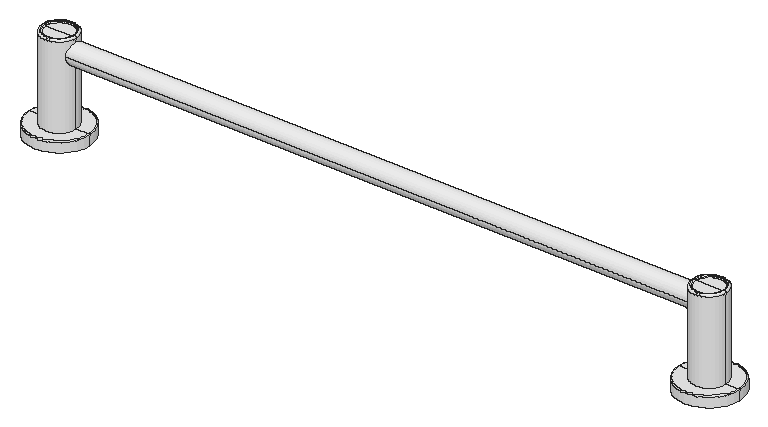
Revit family "Towel_Bar-DXV-Percy-D35105240_Series", category Specialty Equipment, host Face, Revit 2014
Parameters (values of type "D35105240.100")
  Width = 26 1/4"
  Warranty Documentation Link = "https://www.dxv.com/-/media/files/dxv/warranty/dxv_warranty_booklet.ashx"
  URL = "http://www.dxv.com/"
  Type Comments = ""
  Revised Date = "01/25/2017"  # constant formula
  Product Page URL = "http://www.dxv.com/product/percy-24-inch-towel-bar-by-dxv"
  Product Documentation Link = "http://dxv01.blob.core.windows.net/dxv-product-pdf-files/DXV_D35105240_Percy_towel_bar_spec_en.pdf"
  Price = "Prices may vary. Please consult Manufacturer Representative for most up-to-date price list."  # constant formula
  Model = "D35105240.100"
  Material = "Brass-DXV-100-Polished Chrome"
  Manufacturer = "DXV"
  Length = 3 7/16"
  Installation Type = "Surface Mounted"
  Height = 2 1/4"
  Finish = Brass-DXV-100-Polished Chrome
  Description = "Percy 24\" Towl Bar"
  Default Elevation = 40"
  Creation Date = "10/02/2014"  # constant formula
  Assembly Code = "C1030200"
Types (3): name | Model | Material | Finish
  (no name) | "D35105240.100" | "Brass-DXV-100-Polished Chrome" | Brass-DXV-100-Polished Chrome
  D35105240.100 | "D35105240.100" | "Brass-DXV-100-Polished Chrome" | Brass-DXV-100-Polished Chrome
  D35105240.144 | "D35105240.144" | "Brass-DXV-144-Brushed Nickel" | Brass-DXV-144-Brushed Nickel
Reference planes (in)
  plane 1 "Center (Front/Back)": y = 0
  plane 2: z = 0
  plane 3 "Center (Left/Right)": x = 0
  plane 4: x = -12
  plane 5: x = 12
  plane 6: x = -13.125
  plane 7: x = 13.125
  plane 8: z = 2.875
  plane 9: z = 3.4375
  plane 10: y = 1.125
  plane 11: y = -1.125
Forms (in)
  Revolve 1, solid, material "Brass-DXV-100-Polished Chrome" <- "Finish"
    sketch origin (0, 0, 0) x (1, 0, 0) y (0, 0, 1)
      loop
        line (12, 0) -> (13.125, 0) -> (13.125, 0.34375)
        arc (13.125, 0.34375) -> (13.11585, 0.36585) -> (13.09375, 0.375) r 0.03125
        line (13.09375, 0.375) -> (12.625, 0.375) -> (12.625, 3.375)
        arc (12.625, 3.375) -> (12.60669, 3.41919) -> (12.5625, 3.4375) r 0.0625
        arc (12.5625, 3.4375) -> (12.54496, 3.43326) -> (12.5313, 3.42146) r 0.03837
        arc (12.5313, 3.42146) -> (12.51834, 3.41028) -> (12.50171, 3.40625) r 0.03639
        line (12.50171, 3.40625) -> (12, 3.40625) -> (12, 0)
      axis (12, 0) -> (12, 3.4375)
    angle from 0 to 360
  Revolve 2, solid, material "Brass-DXV-100-Polished Chrome" <- "Finish"
    sketch origin (0, 0, 0) x (-1, 0, 0) y (0, 0, 1)
      loop
        line (12, 0) -> (13.125, 0) -> (13.125, 0.34375)
        arc (13.125, 0.34375) -> (13.11585, 0.36585) -> (13.09375, 0.375) r 0.03125
        line (13.09375, 0.375) -> (12.625, 0.375) -> (12.625, 3.375)
        arc (12.625, 3.375) -> (12.60669, 3.41919) -> (12.5625, 3.4375) r 0.0625
        arc (12.5625, 3.4375) -> (12.54496, 3.43326) -> (12.5313, 3.42146) r 0.03837
        arc (12.5313, 3.42146) -> (12.51834, 3.41028) -> (12.50171, 3.40625) r 0.03639
        line (12.50171, 3.40625) -> (12, 3.40625) -> (12, 0)
      axis (12, 0) -> (12, 3.4375)
    angle from 0 to 360
  Extrusion 3, solid, material "Brass-DXV-100-Polished Chrome" <- "Finish"
    sketch origin (0, 0, 0) x (0, 1, 0) y (0, 0, 1)
      loop
        circle (0, 2.875) r 0.375
    from -12 to 12
Cuts and joins
  joined: Revolve 1, Revolve 2, Extrusion 3
Lines and regions (in)
  Masking region 1
    outline origin (0, 0, 0) x (1, 0, 0) y (0, 0, 1)
      loop
        line (10.875, 0) -> (13.125, 0) -> (13.125, 0.34375)
        arc (13.125, 0.34375) -> (13.11585, 0.36585) -> (13.09375, 0.375) r 0.03125
        line (13.09375, 0.375) -> (12.625, 0.375) -> (12.625, 3.375)
        arc (12.625, 3.375) -> (12.60669, 3.41919) -> (12.5625, 3.4375) r 0.0625
        line (12.5625, 3.4375) -> (11.4375, 3.4375)
        arc (11.4375, 3.4375) -> (11.39331, 3.41919) -> (11.375, 3.375) r 0.0625
        line (11.375, 3.375) -> (11.375, 3.25) -> (-11.375, 3.25) -> (-11.375, 3.375)
        arc (-11.375, 3.375) -> (-11.39331, 3.41919) -> (-11.4375, 3.4375) r 0.0625
        line (-11.4375, 3.4375) -> (-12.5625, 3.4375)
        arc (-12.5625, 3.4375) -> (-12.60669, 3.41919) -> (-12.625, 3.375) r 0.0625
        line (-12.625, 3.375) -> (-12.625, 0.375) -> (-13.09375, 0.375)
        arc (-13.09375, 0.375) -> (-13.11585, 0.36585) -> (-13.125, 0.34375) r 0.03125
        line (-13.125, 0.34375) -> (-13.125, 0) -> (-10.875, 0) -> (-10.875, 0.34375)
        arc (-10.875, 0.34375) -> (-10.88415, 0.36585) -> (-10.90625, 0.375) r 0.03125
        line (-10.90625, 0.375) -> (-11.375, 0.375) -> (-11.375, 2.5) -> (11.375, 2.5) -> (11.375, 0.375) -> (10.90625, 0.375)
        arc (10.90625, 0.375) -> (10.88415, 0.36585) -> (10.875, 0.34375) r 0.03125
        line (10.875, 0.34375) -> (10.875, 0)
  symbolic lines, detail levels medium+fine
    curve 1: line (11.5, 0, 2.875) -> (11.375, 0, 2.5)
    curve 2: line (11.375, 0, 3.25) -> (11.5, 0, 2.875)
    curve 3: line (-11.5, 0, 2.875) -> (-11.375, 0, 3.25)
    curve 4: line (-11.375, 0, 2.5) -> (-11.5, 0, 2.875)
  symbolic lines, detail levels fine
    curve 5: line (-11.375, 0, 0.375) -> (-12.625, 0, 0.375)
    curve 6: line (11.375, 0, 0.375) -> (12.625, 0, 0.375)
Dimensions and locks (in)
  "Width": plane 7 to plane 6
  plane 5 to plane 4 = 24"
  host face to plane 8 = 2 7/8"
  "Length": host face to plane 9
  "Height": plane 10 to plane 11
  aligned and locked: plane 2 to host face
  aligned and locked: level to host face
Automatic sketch dimensions
  host sketch curve to host sketch curve = 96"  (x2)
  Revolve 1 sketch curve to plane 5 = 0"  (x2)
  Revolve 1 sketch curve to plane 9 = 0"  (x2)
  Revolve 1 sketch curve to level = 0"
  Revolve 1 sketch curve to plane 7 = 0"
  Revolve 1 sketch curve to plane 9 = 0.00514"
  plane 5 to Revolve 1 sketch curve = 0.50171"
  Revolve 1 sketch curve to Revolve 1 sketch curve = 0.06079"
  Revolve 1 sketch curve to plane 7 = 1/2"
  Revolve 1 sketch curve to plane 7 = 1/32"
  level to Revolve 1 sketch curve = 11/32"
  Revolve 1 sketch curve to Revolve 1 sketch curve = 0.02413"
  plane 9 to Revolve 1 sketch curve = 1/32"
  Revolve 1 sketch curve to Revolve 1 sketch curve = 0.00858"
  Revolve 1 sketch curve to plane 9 = 0.06215"
  Revolve 2 sketch curve to plane 4 = 0"  (x2)
  Revolve 2 sketch curve to plane 9 = 0"  (x2)
  Revolve 2 sketch curve to level = 0"
  Revolve 2 sketch curve to plane 6 = 0"
  plane 9 to Revolve 2 sketch curve = 0.00514"
  plane 4 to Revolve 2 sketch curve = 0.50171"
  Revolve 2 sketch curve to Revolve 2 sketch curve = 0.06079"
  Revolve 2 sketch curve to plane 6 = 1/2"
  Revolve 2 sketch curve to plane 6 = 1/32"
  Revolve 2 sketch curve to level = 11/32"
  Revolve 2 sketch curve to Revolve 2 sketch curve = 0.02413"
  Revolve 2 sketch curve to plane 9 = 1/32"
  Revolve 2 sketch curve to Revolve 2 sketch curve = 0.00858"
  plane 9 to Revolve 2 sketch curve = 0.06215"
  Extrusion 3 sketch curve to plane 1 "Center (Front/Back)" = 0"
  plane 8 to Extrusion 3 sketch curve = 0"
  Masking region 1 sketch curve to level = 0"  (x2)
  Masking region 1 sketch curve to plane 6 = 0"
  Masking region 1 sketch curve to plane 9 = 0"  (x2)
  Masking region 1 sketch curve to plane 7 = 0"
  plane 6 to Masking region 1 sketch curve = 1/32"
  plane 9 to Masking region 1 sketch curve = 1/16"  (x4)
  plane 6 to Masking region 1 sketch curve = 1/2"
  plane 4 to Masking region 1 sketch curve = 9/16"
  Masking region 1 sketch curve to Masking region 1 sketch curve = 15/32"  (x2)
  Masking region 1 sketch curve to Masking region 1 sketch curve = 1/32"  (x2)
  level to Masking region 1 sketch curve = 11/32"  (x4)
  Masking region 1 sketch curve to plane 5 = 1 1/8"
  plane 5 to Masking region 1 sketch curve = 9/16"
  Masking region 1 sketch curve to plane 7 = 1/32"
  plane 8 to Masking region 1 sketch curve = 3/8"
  plane 9 to Masking region 1 sketch curve = 3/16"
  Masking region 1 sketch curve to Masking region 1 sketch curve = 0"
  plane 4 to Masking region 1 sketch curve = 5/8"
  curve 4 to plane 8 = 0"
  curve 2 to plane 8 = 0"
  plane 4 to curve 4 = 1/2"
  curve 2 to plane 5 = 1/2"
  plane 6 to curve 5 = 1/2"
  plane 4 to curve 5 = 5/8"
  curve 3 to curve 4 = 1/8"
  plane 9 to curve 3 = 3/16"
  curve 3 to curve 3 = 1/8"
  curve 1 to curve 1 = 1/8"
  plane 9 to curve 2 = 3/16"
  curve 2 to curve 1 = 1/8"
  curve 6 to plane 5 = 5/8"
  curve 6 to plane 7 = 1/2"
  plane 8 to curve 4 = 3/8"
  plane 8 to curve 1 = 3/8"
  level to curve 6 = 3/8"
  level to curve 5 = 3/8"
  radius of Extrusion 3 sketch curve = 3/8"
